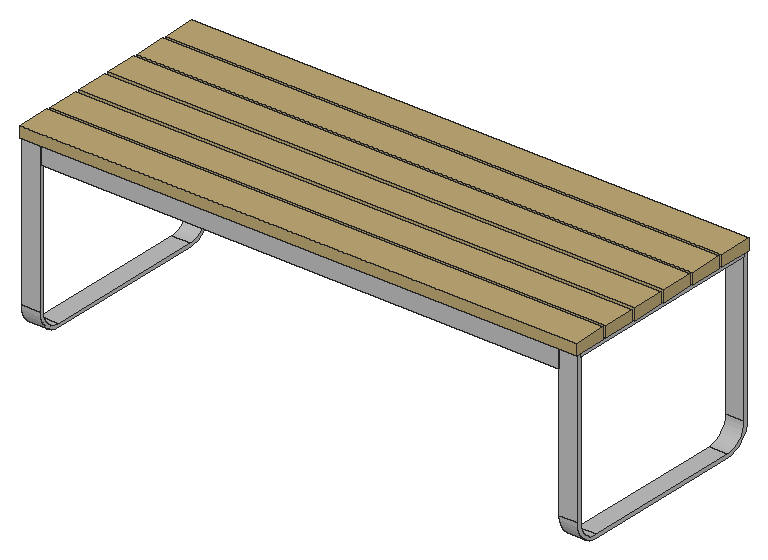
Revit family "L-FUR_벤치_YT-10A_예건", category 일반 모델, Revit 2021
Family settings
  보강 철근 호스트 가능 = 아니오
  원형 커넥터 치수 = 지름 사용
  부품 유형 = 보통
  작업 기준면 기반 = 아니오
  항상 수직 = 예
  로드될 때 보이드를 사용하여 절단 = 아니오
  공유 = 아니오
  룸 계산 점 = 아니오
Parameters
  한국산업규격KS = ""
  조달청표준공사코드-세부공종 = ""
  기본 입면도 = 0 mm
  건설정보분류체계-부위분류 = "E943"
  LIM_INFO_주의사항 = "재배포, 재가공, 판매 금지"
  LIM_INFO_제품업체 = "예건"
  LIM_INFO_제품번호 = "YF-16"
  LIM_INFO_제품명 = "펜스_YF-16"
  LIM_INFO_제작일 = "20230315"
  LIM_INFO_재료 = "Hardwood, STL-pipe, STL-plate"
  LIM_INFO_업체정보 = ""
  LIM_INFO_업체URL = "https://yekun.com/"
  LIM_INFO_업체TEL = "(+82)31-943-6114"
  LIM_INFO_업체EMAIL = "yekun@yekun.com"
  LIM_INFO_버전 = "2023_V01"
  LIM_INFO_기타정보 = ""
  LIM_INFO_규격 = "W2000 x H1800"
  LIM_INFO_가격 = 0
  LIM_INFO_PV_포장재여부 = yes
  LIM_INFO_PV_면적 = 0.00 m²
  KBIMS_식별-버전 = ""
  KBIMS_식별-bSK등록번호 = ""
  KBIMS_보급정보-저작자 = "림인포테크_MMJ"
  KBIMS_보급정보-보급코드 = ""
Reference planes
  plane 1 "중심(앞/뒤)": y = 0
  plane 2: z = 0
  plane 3 "중심(왼쪽/오른쪽)": x = 0
Dimensions and locks
  aligned and locked: level to plane 2
Nested families
  nested 1: "YT-10A_base" at (0, 0, 0), type "YT-10A_base"
Definition of nested family "YT-10A_base"
  Parameters (values of type "YT-10A_base")
    Default Elevation = 0 mm
  Reference planes
    plane 1 "중심(앞/뒤)": y = 0
    plane 2: z = 0
    plane 3 "중심(왼쪽/오른쪽)": x = 0
  Forms (mm)
    Extrusion 1, solid, detail levels fine
      sketch origin (0, 838.616, -105.225) x (0, 1, 0) y (0, 0, 1)
        loop
          line (-446.616, 605.225) -> (-446.616, 575.225) -> (-356.616, 575.225) -> (-356.616, 605.225) -> (-446.616, 605.225)
        loop
          line (-348.616, 605.225) -> (-348.616, 575.225) -> (-258.616, 575.225) -> (-258.616, 605.225) -> (-348.616, 605.225)
        loop
          line (-838.616, 605.225) -> (-838.616, 575.225) -> (-748.616, 575.225) -> (-748.616, 605.225) -> (-838.616, 605.225)
      from 0 to 1500
    Extrusion 2, solid, detail levels fine
      sketch origin (0, 838.616, -105.225) x (0, 1, 0) y (0, 0, 1)
        loop
          arc (-272.616, 169.225) -> (-288.725, 130.334) -> (-327.616, 114.225) r 55
          line (-327.616, 114.225) -> (-769.616, 114.225)
          arc (-769.616, 114.225) -> (-808.507, 130.334) -> (-824.616, 169.225) r 55
          line (-824.616, 169.225) -> (-824.616, 575.225) -> (-833.616, 575.225) -> (-833.616, 169.225)
          arc (-833.616, 169.225) -> (-814.871, 123.97) -> (-769.616, 105.225) r 64
          line (-769.616, 105.225) -> (-327.616, 105.225)
          arc (-327.616, 105.225) -> (-282.361, 123.97) -> (-263.616, 169.225) r 64
          line (-263.616, 169.225) -> (-263.616, 575.225) -> (-272.616, 575.225) -> (-272.616, 169.225)
      from 0 to 50
    Extrusion 3, solid, detail levels fine
      sketch origin (0, 838.616, -105.225) x (0, 1, 0) y (0, 0, 1)
        loop
          line (-272.616, 575.225) -> (-824.616, 575.225) -> (-824.616, 566.225) -> (-272.616, 566.225) -> (-272.616, 575.225)
      from 0 to 50
    Extrusion 4, solid, detail levels fine
      sketch origin (0, 838.616, 0) x (1, 0, 0) y (0, 1, 0)
        loop
          arc (755, -818.616) -> (765.607, -814.223) -> (770, -803.616) r 15
          line (770, -803.616) -> (770, -293.616)
          arc (770, -293.616) -> (765.607, -283.009) -> (755, -278.616) r 15
          line (755, -278.616) -> (745, -278.616)
          arc (745, -278.616) -> (734.393, -283.009) -> (730, -293.616) r 15
          line (730, -293.616) -> (730, -803.616)
          arc (730, -803.616) -> (734.393, -814.223) -> (745, -818.616) r 15
          line (745, -818.616) -> (755, -818.616)
      from 465.5 to 470
    Extrusion 5, solid, detail levels fine
      sketch origin (0, 580, 0) x (0, 1, 0) y (0, 0, 1)
        loop
          line (-566, 470) -> (-575, 470) -> (-575, 420) -> (-566, 420) -> (-566, 470)
      from 50 to 1450
    Extrusion 6, solid, detail levels fine
      sketch origin (0, 580, 0) x (0, 1, 0) y (0, 0, 1)
        loop
          line (-14, 470) -> (-14, 420) -> (-5, 420) -> (-5, 470) -> (-14, 470)
      from 50 to 1450
    Extrusion 7, solid, detail levels fine
      sketch origin (0, 580, 0) x (0, 1, 0) y (0, 0, 1)
        loop
          line (-575, 470) -> (-575, 64)
          arc (-575, 64) -> (-556.255, 18.745) -> (-511, 0) r 64
          line (-511, 0) -> (-69, 0)
          arc (-69, 0) -> (-23.745, 18.745) -> (-5, 64) r 64
          line (-5, 64) -> (-5, 470) -> (-14, 470) -> (-14, 64)
          arc (-14, 64) -> (-30.109, 25.109) -> (-69, 9) r 55
          line (-69, 9) -> (-511, 9)
          arc (-511, 9) -> (-549.891, 25.109) -> (-566, 64) r 55
          line (-566, 64) -> (-566, 470) -> (-575, 470)
      from 1450 to 1500
    Extrusion 8, solid, detail levels fine
      sketch origin (0, 580, 0) x (0, 1, 0) y (0, 0, 1)
        loop
          line (-14, 470) -> (-566, 470) -> (-566, 461) -> (-14, 461) -> (-14, 470)
      from 1450 to 1500
    Extrusion 9, solid, detail levels fine
      sketch origin (0, 838.616, -105.225) x (0, 1, 0) y (0, 0, 1)
        loop
          line (-544.616, 605.225) -> (-544.616, 575.225) -> (-454.616, 575.225) -> (-454.616, 605.225) -> (-544.616, 605.225)
        loop
          line (-642.616, 605.225) -> (-642.616, 575.225) -> (-552.616, 575.225) -> (-552.616, 605.225) -> (-642.616, 605.225)
        loop
          line (-740.616, 605.225) -> (-740.616, 575.225) -> (-650.616, 575.225) -> (-650.616, 605.225) -> (-740.616, 605.225)
      from 0 to 1500
    Extrusion 10, solid, detail levels coarse+medium
      sketch origin (0, 838.616, -105.225) x (0, 1, 0) y (0, 0, 1)
        loop
          line (-534.321, 605.225) -> (-838.616, 605.225) -> (-838.616, 575.225) -> (-548.616, 575.225) -> (-258.616, 575.225) -> (-258.616, 605.225) -> (-534.321, 605.225)
      from 0 to 1500
    Extrusion 11, solid, detail levels coarse+medium
      sketch origin (0, 838.616, -105.225) x (0, 1, 0) y (0, 0, 1)
        loop
          line (-272.616, 575.225) -> (-824.616, 575.225) -> (-824.616, 566.225) -> (-272.616, 566.225) -> (-272.616, 575.225)
      from 0 to 50
    Extrusion 12, solid, detail levels coarse+medium
      sketch origin (0, 580, 0) x (0, 1, 0) y (0, 0, 1)
        loop
          line (-566, 470) -> (-575, 470) -> (-575, 420) -> (-566, 420) -> (-566, 470)
      from 50 to 1450
    Extrusion 13, solid, detail levels coarse+medium
      sketch origin (0, 580, 0) x (0, 1, 0) y (0, 0, 1)
        loop
          line (-14, 470) -> (-14, 420) -> (-5, 420) -> (-5, 470) -> (-14, 470)
      from 50 to 1450
    Extrusion 14, solid, detail levels coarse+medium
      sketch origin (0, 580, 0) x (0, 1, 0) y (0, 0, 1)
        loop
          line (-575, 470) -> (-575, 0) -> (-5, 0) -> (-5, 470) -> (-14, 470) -> (-14, 9) -> (-566, 9) -> (-566, 470) -> (-575, 470)
      from 1450 to 1500
    Extrusion 15, solid, detail levels coarse+medium
      sketch origin (0, 580, 0) x (0, 1, 0) y (0, 0, 1)
        loop
          line (-14, 470) -> (-566, 470) -> (-566, 461) -> (-14, 461) -> (-14, 470)
      from 1450 to 1500
    Extrusion 16, solid, detail levels coarse+medium
      sketch origin (-1450, 580, 0) x (0, 1, 0) y (0, 0, 1)
        loop
          line (-575, 470) -> (-575, 0) -> (-5, 0) -> (-5, 470) -> (-14, 470) -> (-14, 9) -> (-566, 9) -> (-566, 470) -> (-575, 470)
      from 1450 to 1500
  Lines and regions (mm)
    model lines, detail levels fine
      curve 1: line (0, 566, 470) -> (0, 566, 461)
      curve 2: line (0, 14, 461) -> (0, 14, 470)
    model lines, detail levels coarse+medium
      curve 3: line (0, 566, 470) -> (0, 566, 461)
      curve 4: line (0, 14, 461) -> (0, 14, 470)
  Dimensions and locks
    aligned and locked: level to plane 2
